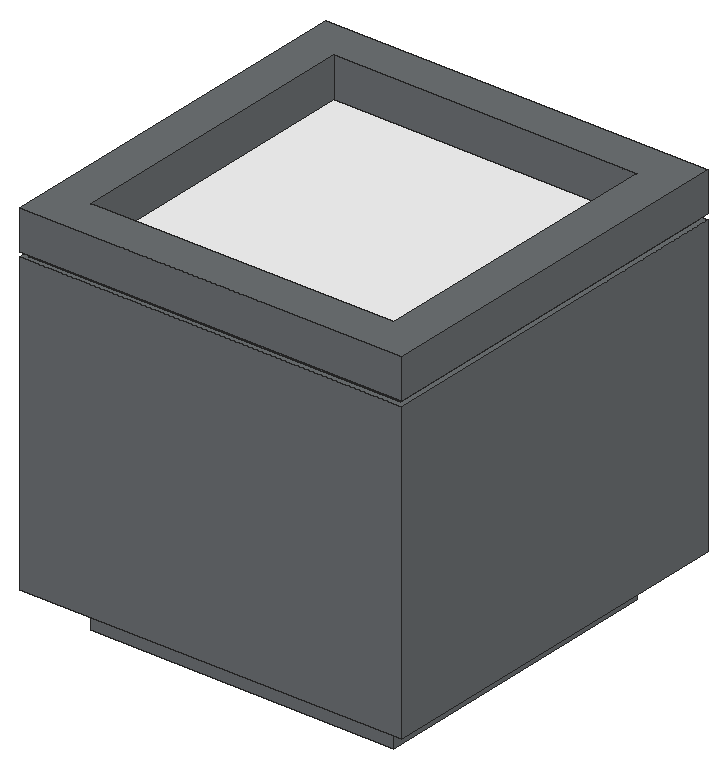
Revit family "Thorn AXYL ECHO CEILING", category Lighting Fixtures, host Face, Revit 2023 (continued)
Types (108, lengths in mm): name | built-in parameter 1150103 | URL | Type Image | Luminaire Width | Luminaire Length | Luminaire Height | Housing Small | Housing Medium | Power Factor | Photometric Web File | Model | Material Housing | Lumens | Luminaire Size | Light Source Edge Offset | built-in parameter 1150107 | Emit from Rectangle Width | Emit from Rectangle Length | built-in parameter 1150104 | Apparent Load
  AXYL ECHO M CEI 9L 940 WB HFX GY | 20.8 W | "https://www.thornlighting.com/96801427" | TLG_AXYL_F_ECHO_M_CEI_9L_HFX_GY.jpg | 155 | 155 | 155 | no | yes | 0.95 | "96801427_(STD).IES" | "96801427" | Thorn-Aluminium-RAL 9006-White Aluminium | 1261 lm | Thorn-Parts-Axyl-Echo-Body : Medium Size Ceiling | 16 | 4000 (stored number, unit not read) | 123 | 123 | 5.6671 (stored number, unit not read) | 21.8947 VA
  AXYL ECHO M CEI 9L 940 WB HFX WH | 20.8 W | "https://www.thornlighting.com/96801425" | TLG_AXYL_F_ECHO_M_CEI_9L_HFX_WH.jpg | 155 | 155 | 155 | no | yes | 0.95 | "96801425_(STD).IES" | "96801425" | Thorn-Aluminium-RAL 9016-Traffic White | 1261 lm | Thorn-Parts-Axyl-Echo-Body : Medium Size Ceiling | 16 | 4000 (stored number, unit not read) | 123 | 123 | 5.6671 (stored number, unit not read) | 21.8947 VA
